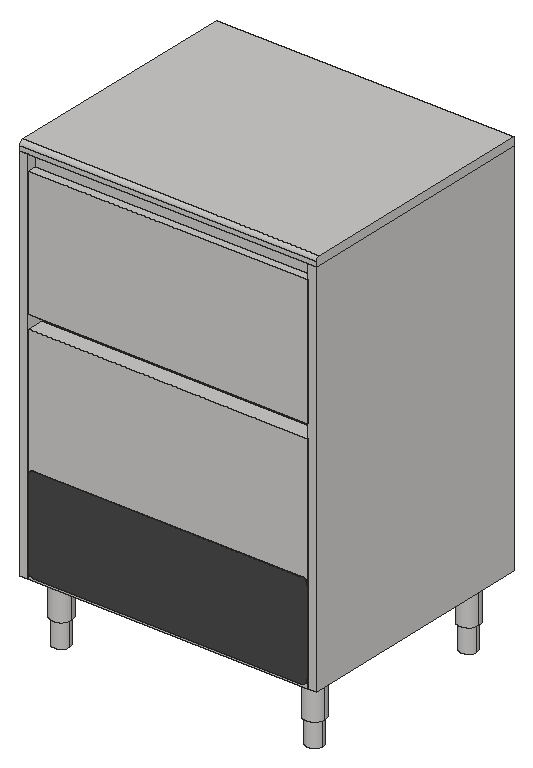
Revit family "QF_ELECTROLUXPROFESSIONAL_730316_ICB80I35SNP", category Attrezzature speciali, Revit 2018
Family settings
  Quota connettore circolare = Usa diametro
  Tipo di parte = Normale
  Basato su piano di lavoro = No
  Sempre verticale = Sì
  Taglio con vuoti quando caricato = No
  Condiviso = No
  Punto di calcolo locali = No
Parameters (values of type "Standard")
  Weight = 70.00 kg
  Watts = 0 W
  Volts = 220 V
  URL Manufacturer = "https://www.electroluxprofessional.com/"
  URL = "https://www.electroluxprofessional.com/"
  Steam Supply Size = 0 mm
  Steam Supply Minimum Pressure = 0.0 Pa
  Steam Supply Maximum Pressure = 0.0 Pa
  Steam Pounds per Hour = 0
  Show Logo [instance] = yes
  Show Clearance [instance] = yes
  Refrigeration Suction Line Size = 0 mm
  Refrigeration Liquid Line Size = 0 mm
  Refrigerant Compressor Remote = yes
  Produttore = "Electrolux Professional"
  Phase = 1
  Modello = "ICB80I35SNP"
  Length Actual = 715 mm  # constant formula
  Item Number = "730316"
  Hot Water Size = 0 mm
  Height Actual = 1044 mm  # constant formula
  HP = "0 HP"
  Gas Size = 0 mm
  Gas KW = 0
  Gas Input Pressure = 0 W
  Descrizione = "WATER COOLED ICE CUBER 22GR 80KG/24H-BIN 35KG"
  Depth Actual = 595 mm  # constant formula
  Cycle = 50 Hz
  Condensate Return Size = 0 mm
  Compressed Air Volume = 0.0 L/s
  Compressed Air Size = 0 mm
  Compressed Air Pressure = 0.0 Pa
  Cold Water Size = 19.05 mm
  Accessory = yes
Reference planes
  plane 1 "Center X": y = 272.851
  plane 2: z = 0
  plane 3 "Center Y": x = -501.5
  plane 4 "LEFT": x = -859
  plane 5 "RIGHT": x = -144
  plane 6 "FRONT": y = -24.649
  plane 7 "BACK": y = 570.351
  plane 8: z = 155
  plane 9: z = 1094
  plane 10: z = 1074
  plane 11: x = -839
  plane 12: x = -164
  plane 13: y = 15.351
Forms (mm)
  Extrusion 1, solid, material "QF_Finishes_Black"
    sketch origin (-217.296, -24.649, 371.513) x (-1, 0, 0) y (0, 0, -1)
      loop
        arc (606.704, -21.487) -> (617.311, -17.093) -> (621.704, -6.487) r 15
        line (621.704, -6.487) -> (621.704, 194.469)
        arc (621.704, 194.469) -> (617.311, 205.075) -> (606.704, 209.469) r 15
        line (606.704, 209.469) -> (-38.296, 209.469)
        arc (-38.296, 209.469) -> (-48.903, 205.075) -> (-53.296, 194.469) r 15
        line (-53.296, 194.469) -> (-53.296, -6.487)
        arc (-53.296, -6.487) -> (-48.903, -17.093) -> (-38.296, -21.487) r 15
        line (-38.296, -21.487) -> (606.704, -21.487)
    from 0 to 2
  Extrusion 2, solid, material "QF_Finishes_Stainless Steel"
    sketch origin (-501.5, 0, 0) x (0, 1, 0) y (0, 0, 1)
      loop
        line (570.351, 1074) -> (570.351, 1094) -> (-14.649, 1094)
        arc (-14.649, 1094) -> (-21.72, 1091.071) -> (-24.649, 1084) r 10
        line (-24.649, 1084) -> (-24.649, 1074) -> (570.351, 1074)
    from -357.5 to 357.5
  Extrusion 3, solid, material "QF_Finishes_Stainless Steel"
    sketch origin (-450.7, 570.351, -329.545) x (1, 0, 0) y (0, 0, -1)
      loop
        circle (233.2, -655.545) r 10
    from 0 to 10
  Extrusion 4, solid, material "QF_Finishes_Stainless Steel"
    sketch origin (0, 0, 0) x (1, 0, 0) y (0, 1, 0)
      loop
        line (-859, 570.351) -> (-859, -24.649) -> (-839, -24.649) -> (-839, 570.351) -> (-859, 570.351)
    from 155 to 1074
  Extrusion 5, solid, material "QF_Finishes_Stainless Steel"
    sketch origin (0, 0, 0) x (1, 0, 0) y (0, 1, 0)
      loop
        line (-164, 570.351) -> (-164, -24.649) -> (-144, -24.649) -> (-144, 570.351) -> (-164, 570.351)
    from 155 to 1074
  Extrusion 6, solid, material "QF_Finishes_Stainless Steel"
    sketch origin (0, 0, 0) x (1, 0, 0) y (0, 1, 0)
      loop
        line (-839, 570.351) -> (-839, 15.351) -> (-164, 15.351) -> (-164, 570.351) -> (-839, 570.351)
    from 155 to 1074
  Extrusion 7, solid, material "QF_Finishes_Stainless Steel"
    sketch origin (0, 0, 0) x (1, 0, 0) y (0, 1, 0)
      loop
        line (-839, -24.649) -> (-164, -24.649) -> (-164, 15.351) -> (-839, 15.351) -> (-839, -24.649)
    from 155 to 695.994
  Extrusion 8, solid, material "QF_Finishes_Stainless Steel"
    sketch origin (-501.5, 0, 0) x (0, 1, 0) y (0, 0, 1)
      loop
        line (15.351, 1074) -> (-4.649, 1074) -> (-4.649, 1038) -> (-24.649, 1038) -> (-24.649, 728.028) -> (-4.649, 728.028) -> (-4.649, 713.028) -> (15.351, 713.028) -> (15.351, 1074)
    from -337.5 to 337.5
  Extrusion 9, solid, material "QF_Finishes_Stainless Steel"
    sketch origin (-428.2, 570.351, -440.545) x (1, 0, 0) y (0, 0, -1)
      loop
        circle (233.2, -655.545) r 10
    from 0 to 10
  Extrusion 10, solid, material "QF_Finishes_Stainless Steel"
    sketch origin (-487.7, 570.351, -361.545) x (1, 0, 0) y (0, 0, -1)
      loop
        circle (233.2, -655.545) r 10
    from 0 to 10
Lines and regions (mm)
  Split face 1
    outline origin (-501.5, -4.649, 1074) x (0, 0, -1) y (1, 0, 0)
      loop
        line (5.715, 214.928) -> (30.715, 214.928) -> (30.715, 254.928) -> (5.715, 254.928) -> (5.715, 214.928)
  symbolic lines
    curve 1: line (-859, 570.351, 0) -> (-144, 570.351, 0)
    curve 2: line (-859, -24.649, 0) -> (-859, 570.351, 0)
    curve 3: line (-144, -24.649, 0) -> (-859, -24.649, 0)
    curve 4: line (-144, 570.351, 0) -> (-144, -24.649, 0)
Dimensions and locks
  equal spacing: plane 4 "LEFT", plane 3 "Center Y", plane 5 "RIGHT"
  plane 4 "LEFT" to plane 5 "RIGHT" = 715 mm
  equal spacing: plane 7 "BACK", plane 1 "Center X", plane 6 "FRONT"
  plane 7 "BACK" to plane 6 "FRONT" = 595 mm
  plane 8 to plane 2 = 155 mm
  plane 9 to plane 8 = 939 mm
  locked: plane 4 "LEFT" to plane 11 at 20
  locked: plane 12 to plane 5 "RIGHT" at 20
  locked: plane 9 to plane 10 at 20
  locked: plane 13 to plane 6 "FRONT" at 40
  aligned and locked: level to plane 2
  aligned and locked: plane 5 "RIGHT" to Extrusion 2
  aligned and locked: Extrusion 2 to plane 4 "LEFT"
  aligned and locked: Extrusion 4 sketch curve to Extrusion 2  (x2)
  aligned and locked: plane 6 "FRONT" to Extrusion 4 sketch curve
  aligned and locked: Extrusion 4 sketch curve to plane 11
  aligned and locked: Extrusion 5 sketch curve to plane 7 "BACK"
  aligned and locked: plane 12 to Extrusion 5 sketch curve
  aligned and locked: Extrusion 5 sketch curve to Extrusion 2  (x2)
  aligned and locked: plane 10 to Extrusion 4
  aligned and locked: plane 10 to Extrusion 5
  aligned and locked: Extrusion 4 to plane 8
  aligned and locked: Extrusion 5 to plane 8
  aligned and locked: Extrusion 6 sketch curve to Extrusion 4
  aligned and locked: Extrusion 4 to Extrusion 6 sketch curve
  aligned and locked: plane 13 to Extrusion 6 sketch curve
  aligned and locked: Extrusion 6 sketch curve to plane 12
  aligned and locked: plane 10 to Extrusion 6
  aligned and locked: Extrusion 6 to plane 8
  aligned and locked: Extrusion 4 to Extrusion 7 sketch curve
  aligned and locked: Extrusion 7 sketch curve to Extrusion 4
  aligned and locked: plane 13 to Extrusion 7 sketch curve
  aligned and locked: plane 12 to Extrusion 7 sketch curve
  aligned and locked: Extrusion 7 to plane 8
  aligned and locked: plane 12 to Extrusion 8
  aligned and locked: Extrusion 8 to plane 11
Automatic sketch dimensions
  curve 3 to plane 4 "LEFT" = 0 mm
  curve 3 to plane 5 "RIGHT" = 0 mm
  curve 3 to plane 6 "FRONT" = 0 mm
  curve 2 to plane 7 "BACK" = 0 mm
  Extrusion 1 sketch curve to plane 12 = 0 mm
  plane 8 to Extrusion 1 sketch curve = 7.044 mm
  Extrusion 1 sketch curve to Extrusion 1 sketch curve = 15 mm  (x3)
  plane 11 to Extrusion 1 sketch curve = 15 mm  (x2)
  Extrusion 1 sketch curve to Extrusion 1 sketch curve = 200.956 mm
  Extrusion 2 sketch curve to plane 6 "FRONT" = 0 mm
  Extrusion 2 sketch curve to plane 9 = 0 mm
  Extrusion 2 sketch curve to plane 7 "BACK" = 0 mm
  Extrusion 2 sketch curve to plane 10 = 0 mm
  plane 6 "FRONT" to Extrusion 2 sketch curve = 10 mm
  Extrusion 6 to Extrusion 3 sketch curve = 171 mm
  Extrusion 3 sketch curve to Extrusion 6 = 53.5 mm
  Split face 1 sketch curve to Extrusion 8 = 5.715 mm
  Extrusion 8 to Split face 1 sketch curve = 5.285 mm
  Split face 1 sketch curve to Extrusion 8 = 122.572 mm
  Split face 1 sketch curve to Split face 1 sketch curve = 40 mm
  Extrusion 9 sketch curve to Extrusion 6 = 31 mm
  Extrusion 6 to Extrusion 9 sketch curve = 60 mm
  Extrusion 10 sketch curve to Extrusion 6 = 90.5 mm
  Extrusion 6 to Extrusion 10 sketch curve = 139 mm
  Extrusion 8 sketch curve to plane 6 "FRONT" = 0 mm
  Extrusion 8 sketch curve to plane 10 = 0 mm
  Extrusion 8 sketch curve to plane 13 = 0 mm
  Extrusion 8 sketch curve to Extrusion 8 sketch curve = 20 mm  (x2)
  Extrusion 8 sketch curve to plane 10 = 36 mm
  Extrusion 8 sketch curve to Extrusion 8 sketch curve = 309.972 mm
  Extrusion 8 sketch curve to Extrusion 8 sketch curve = 15 mm
  radius of Extrusion 3 sketch curve = 10 mm
  radius of Extrusion 9 sketch curve = 10 mm
  radius of Extrusion 10 sketch curve = 10 mm
Nested families
  nested 1: "Foot_Complete" at (-807, 35.351, 0), type "Foot_Complete"
    with H 155 mm
  nested 2: "Foot_Complete" at (-196, 35.351, 0) x (-1, 0, 0) z (0, 0, 1), type "Foot_Complete"
    with H 155 mm
  nested 3: "Foot_Complete" at (-807, 499.351, 0), type "Foot_Complete"
    with H 155 mm
  nested 4: "Foot_Complete" at (-196, 499.351, 0) x (-1, 0, 0) z (0, 0, 1), type "Foot_Complete"
    with H 155 mm
Connectors
  electrical at (-195, 580.351, 215), driven by "Volts"
    settings: on Extrusion 9, index 1, voltage 220 V, apparent load 0 VA, apparent load phase1 0 VA, apparent load phase2 0 VA, apparent load phase3 0 VA, power factor 1, load classification "Altro", number of poles 1, system type 30, power factor state 1, is connector primary yes, connector utility no, sub classification motor no, connector description "Electrical Connection"
  piping at (-217.5, 580.351, 326), diameter 20
    settings: on Extrusion 3, index 2, connector inside diameter 609.6 mm, connector length 0 mm, flow factor 0, pipe flow 0.0 L/s, pressure drop 0.0 Pa, fitting loss kfactor 0, connector angle 0.00°, fixture units 0, engagement length 0 mm, angle of deflection 0.00°, flow configuration 0, flow direction 0, fitting loss method 0, system type 20, joint type 0, gender type 0, connector reference index -1, connector utility 0, adjustable connector no, is connector primary yes, connector description "Cold water"
  piping at (-254.5, 580.351, 294), diameter 20
    settings: on Extrusion 10, index 3, connector inside diameter 609.6 mm, connector length 0 mm, flow factor 0, pipe flow 0.0 L/s, pressure drop 0.0 Pa, fitting loss kfactor 0, connector angle 0.00°, fixture units 0, engagement length 0 mm, angle of deflection 0.00°, flow configuration 0, flow direction 0, fitting loss method 0, system type 16, joint type 0, gender type 0, connector reference index -1, connector utility 0, adjustable connector no, is connector primary no, connector description "Drain"
Definition of nested family "Foot_Complete"
  Parameters (values of type "Foot_Complete")
    R = 25 mm
    H = 153 mm
  Reference planes
    plane 1 "Centro (Fronte/Retro)": y = 0
    plane 2: z = 0
    plane 3 "Centro (Sinistra/Destra)": x = 0
    plane 4: z = 153
  Forms (mm)
    Revolve 1, solid
      sketch origin (255.05, 0, 608.09) x (0, 0, 1) y (-1, 0, 0)
        loop
          line (-608.09, 255.05) -> (-608.09, 235.05) -> (-548.09, 235.05) -> (-548.09, 230.05) -> (-455.09, 230.05) -> (-455.09, 255.05) -> (-608.09, 255.05)
        axis (-608.09, 255.05) -> (-455.09, 255.05)
      angle from 0 to 360
  Dimensions and locks
    level to Revolve 1 sketch curve = 60 mm
    "R": Revolve 1 sketch curve to plane 3 "Centro (Sinistra/Destra)"
    "H": plane 4 to level
    aligned and locked: level to plane 2
    aligned and locked: plane 4 to Revolve 1 sketch curve
    aligned and locked: Revolve 1 sketch curve to level
    aligned and locked: plane 3 "Centro (Sinistra/Destra)" to Revolve 1 sketch curve
  Automatic sketch dimensions
    Revolve 1 sketch curve to plane 3 "Centro (Sinistra/Destra)" = 0 mm
    plane 3 "Centro (Sinistra/Destra)" to Revolve 1 sketch curve = 20 mm
    Revolve 1 sketch curve to Revolve 1 sketch curve = 50 mm
    Revolve 1 sketch curve to Revolve 1 sketch curve = 20 mm
